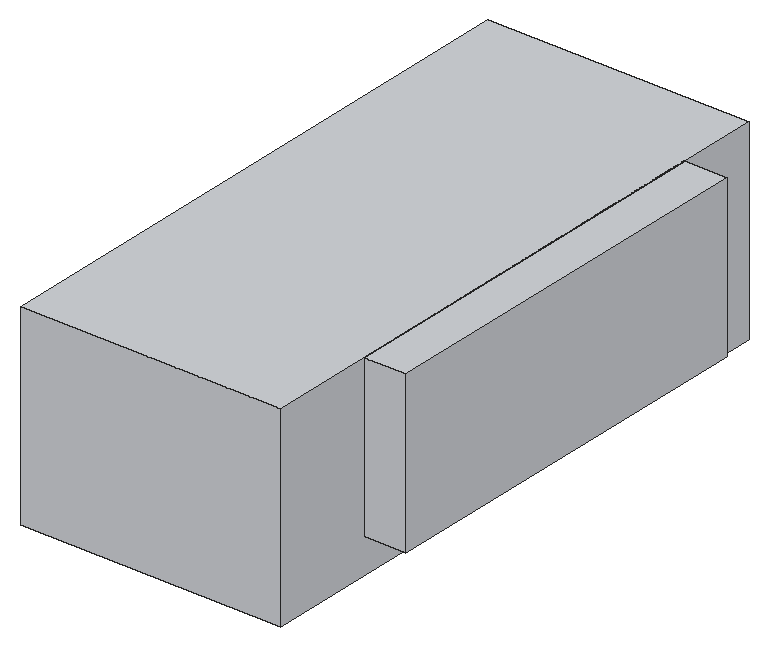
Revit family "d815f45d8754441c93a203be37dacc49", category Electrical Equipment, host Face, Revit 2021
Family settings
  Host = Face
  Round Connector Dimension = Use Diameter
  Part Type = Equipment Switch
  OmniClass Number = 23.80.50.11.14
  OmniClass Title = Switches
  Seek Item ID = Disconnect Switches-0000-USA-ENU
  Cut with Voids When Loaded = No
  Shared = No
  Room Calculation Point = No
Parameters (values of type "480V - Non-Fusible 30A")
  Width = 0' - 7 141/256"
  W1 = 0' - 6 1/2"
  Switch Voltage = 480 V
  Number of Poles = 3
  Load Classification = Power
  Height = 1' - 2 77/128"
  H2 = 0' - 2"
  H1 = 0' - 10"
  Depth = 0' - 4 225/256"
  Default Elevation = 4' - 0"
  D1 = 0' - 4"
  Apparent Load Phase C [instance] = 0 VA
  Apparent Load Phase B [instance] = 0 VA
  Apparent Load Phase A [instance] = 0 VA
Types (23): name | Width | W1 | Switch Voltage | Height | H2 | H1 | Depth | D1
  (no name) | 0' - 7 141/256" | 0' - 6 1/2" | 480 V | 1' - 2 77/128" | 0' - 2" | 0' - 10" | 0' - 4 225/256" | 0' - 4"
  240V - Non-Fusible 30A | 0' - 7 141/256" | 0' - 6 1/2" | 240 V | 1' - 2 77/128" | 0' - 2" | 0' - 10" | 0' - 4 225/256" | 0' - 4"
  240V - Non-Fusible 60A | 0' - 10 1/2" | 0' - 9" | 240 V | 1' - 5 1/2" | 0' - 2" | 0' - 10" | 0' - 6 97/256" | 0' - 4"
  240V - Non-Fusible 100A | 0' - 10 1/2" | 0' - 8 1/2" | 240 V | 1' - 9 1/4" | 0' - 3" | 0' - 10" | 0' - 6 97/256" | 0' - 4"
  240V - Non-Fusible 200A | 1' - 6 1/2" | 1' - 5 33/256" | 240 V | 2' - 5" | 0' - 4" | 1' - 0" | 0' - 8 1/4" | 0' - 5"
  240V - Non-Fusible 400A | 2' - 3 161/256" | 2' - 2 33/256" | 240 V | 4' - 2 1/4" | 0' - 4" | 1' - 0" | 0' - 10 33/256" | 0' - 5"
  240V - Non-Fusible 600A | 2' - 3 161/256" | 2' - 2 33/256" | 240 V | 4' - 2 1/4" | 0' - 4" | 1' - 0" | 0' - 10 33/256" | 0' - 5"
  480V - Non-Fusible 30A | 0' - 7 141/256" | 0' - 6 1/2" | 480 V | 1' - 2 77/128" | 0' - 2" | 0' - 10" | 0' - 4 225/256" | 0' - 4"
  480V - Non-Fusible 60A | 0' - 10 1/2" | 0' - 9" | 480 V | 1' - 5 1/2" | 0' - 2" | 0' - 10" | 0' - 6 97/256" | 0' - 4"
  480V - Non-Fusible 100A | 0' - 10 1/2" | 0' - 8 1/2" | 480 V | 1' - 9 1/4" | 0' - 3" | 0' - 10" | 0' - 6 97/256" | 0' - 4"
  480V - Non-Fusible 200A | 1' - 6 1/2" | 1' - 5 33/256" | 480 V | 2' - 5" | 0' - 4" | 1' - 0" | 0' - 8 1/4" | 0' - 5"
  480V - Non-Fusible 400A | 2' - 3 161/256" | 2' - 2 33/256" | 480 V | 4' - 2 1/4" | 0' - 4" | 1' - 0" | 0' - 10 33/256" | 0' - 5"
  480V - Non-Fusible 600A | 2' - 3 161/256" | 2' - 2 33/256" | 480 V | 4' - 2 1/4" | 0' - 4" | 1' - 0" | 0' - 10 33/256" | 0' - 5"
  240V - Fusible 30A | 0' - 7 141/256" | 0' - 6 1/2" | 240 V | 1' - 2 77/128" | 0' - 2" | 0' - 10" | 0' - 4 225/256" | 0' - 4"
  240V - Fusible 60A | 0' - 7 141/256" | 0' - 6 1/2" | 240 V | 1' - 2 77/128" | 0' - 2" | 0' - 10" | 0' - 4 225/256" | 0' - 4"
  240V - Fusible 100A | 0' - 10 1/2" | 0' - 8 1/2" | 240 V | 1' - 9 1/4" | 0' - 4" | 1' - 0" | 0' - 6 97/256" | 0' - 4"
  240V - Fusible 200A | 1' - 6 1/2" | 1' - 5 33/256" | 240 V | 2' - 5" | 0' - 4" | 1' - 0" | 0' - 8 1/4" | 0' - 4"
  240V - Fusible 400A | 2' - 3 225/256" | 2' - 2 97/256" | 240 V | 4' - 2 1/4" | 1' - 0" | 0' - 4" | 0' - 10 33/256" | 0' - 4"
  480V - Fusible 30A | 0' - 7 141/256" | 0' - 6 1/2" | 480 V | 1' - 2 77/128" | 0' - 2" | 0' - 10" | 0' - 4 225/256" | 0' - 4"
  480V - Fusible 60A | 0' - 10 1/2" | 0' - 9" | 480 V | 1' - 5 1/2" | 0' - 2" | 0' - 10" | 0' - 6 97/256" | 0' - 4"
  480V - Fusible 100A | 0' - 10 1/2" | 0' - 8 1/2" | 480 V | 1' - 9 1/4" | 0' - 4" | 1' - 0" | 0' - 6 97/256" | 0' - 4"
  480V - Fusible 200A | 1' - 6 1/2" | 1' - 5 33/256" | 480 V | 2' - 5" | 0' - 4" | 1' - 0" | 0' - 8 1/4" | 0' - 4"
  480V - Fusible 400A | 2' - 3 161/256" | 2' - 2 33/256" | 480 V | 4' - 2 1/4" | 1' - 0" | 0' - 4" | 0' - 10 33/256" | 0' - 4"
Reference planes (in)
  plane 1 "Center (Front/Back)": y = 0
  plane 2: z = 0
  plane 3 "Center (Left/Right)": x = 0
  plane 4: x = -3.77539
  plane 5: x = 3.77539
  plane 6: y = -14.60156
  plane 7: z = 4.87891
  plane 8: x = 7.77539
  plane 9: z = 2.43945
  plane 10: y = -2
  plane 11: y = -12
  plane 12: x = 2.72461
  plane 13: z = 0.87891
Forms (in)
  Extrusion 1, solid, detail levels coarse+medium
    sketch origin (0, 0, 0) x (1, 0, 0) y (0, 1, 0)
      loop
        line (-3.77539, 0) -> (-3.77539, -14.60156) -> (3.77539, -14.60156) -> (3.77539, 0) -> (-3.77539, 0)
    from 0 to 4.87891
  Extrusion 2, solid, detail levels fine
    sketch origin (0, 0, 0) x (1, 0, 0) y (0, 1, 0)
      loop
        line (3.77539, -2) -> (2.72461, -2) -> (2.72461, -12) -> (3.77539, -12) -> (3.77539, -2)
    from 4.87891 to 0.87891
  Extrusion 3, solid, detail levels fine
    sketch origin (0, 0, 0) x (1, 0, 0) y (0, 1, 0)
      loop
        line (-3.77539, 0) -> (-3.77539, -14.60156) -> (2.72461, -14.60156) -> (2.72461, 0) -> (-3.77539, 0)
    from 0 to 4.87891
Lines and regions (in)
  symbolic lines, detail levels coarse+medium
    curve 1: line (3.77539, 0, 2.43945) -> (7.77539, 0, 2.43945)
    curve 2: line (7.77539, 0, 4.87891) -> (7.77539, 0, 2.43945)
Dimensions and locks (in)
  equal spacing: plane 4, plane 3 "Center (Left/Right)", plane 5
  "Width": plane 4 to plane 5
  "Height": plane 1 "Center (Front/Back)" to plane 6
  "Depth": plane 7 to level
  equal spacing: level, plane 9, plane 7
  "H1": plane 10 to plane 11
  "H2": plane 1 "Center (Front/Back)" to plane 10
  "W1": plane 4 to plane 12
  "D1": plane 7 to plane 13
  locked: plane 8 to plane 5 at 4
  aligned and locked: plane 2 to host face
  aligned and locked: level to host face
  aligned and locked: Extrusion 1 to plane 1 "Center (Front/Back)"
  aligned and locked: Extrusion 1 to plane 4
  aligned and locked: Extrusion 1 to plane 6
  aligned and locked: plane 5 to Extrusion 1
  aligned and locked: plane 7 to Extrusion 1
  aligned and locked: curve 1 to plane 9
  aligned and locked: plane 8 to curve 2
  aligned and locked: Extrusion 2 to plane 10
  aligned and locked: Extrusion 2 to plane 11
  aligned and locked: Extrusion 2 to plane 12
  aligned and locked: plane 5 to Extrusion 2
  aligned and locked: plane 7 to Extrusion 2
  aligned and locked: Extrusion 2 to plane 13
  aligned and locked: Extrusion 3 to plane 6
  aligned and locked: Extrusion 3 to plane 1 "Center (Front/Back)"
  aligned and locked: plane 12 to Extrusion 3
  aligned and locked: Extrusion 3 to plane 4
  aligned and locked: plane 7 to Extrusion 3
  aligned and locked: Extrusion 3 to level
Automatic sketch dimensions
  plane 4 to Extrusion 1 sketch curve = 0' - 0"
  Extrusion 1 sketch curve to plane 5 = 0' - 0"
  plane 6 to Extrusion 1 sketch curve = 0' - 0"
  plane 1 "Center (Front/Back)" to Extrusion 1 sketch curve = 0' - 0"
  curve 1 to plane 5 = 0' - 0"
  curve 2 to plane 7 = 0' - 0"
  plane 1 "Center (Front/Back)" to Extrusion 2 sketch curve = 1' - 0"
  plane 8 to Extrusion 2 sketch curve = 0' - 4"
  Extrusion 2 sketch curve to Extrusion 2 sketch curve = 0' - 1 13/256"
  Extrusion 2 sketch curve to Extrusion 2 sketch curve = 0' - 10"
  plane 1 "Center (Front/Back)" to Extrusion 3 sketch curve = 1' - 2 77/128"
  Extrusion 3 sketch curve to plane 4 = 0' - 0"
  Extrusion 3 sketch curve to Extrusion 3 sketch curve = 0' - 6 1/2"
  Extrusion 3 sketch curve to Extrusion 3 sketch curve = 1' - 2 77/128"
  host sketch curve to host sketch curve = 5' - 6 1/2"
  host sketch curve to host sketch curve = 10' - 5"
Connectors (in)
  electrical at (-0.52539, 0, 2.43945), driven by "Apparent Load Phase A", driven by "Number of Poles", driven by "Switch Voltage", driven by "Apparent Load Phase B", driven by "Apparent Load Phase C", driven by "Load Classification"
    settings: on Extrusion 3, index 1, voltage 480 V, apparent load 0 VA, apparent load phase1 0 VA, apparent load phase2 0 VA, apparent load phase3 0 VA, power factor 1, load classification "Power", number of poles 3, system type 31, power factor state 1, is connector primary yes, connector utility no, sub classification motor no, connector description ""
